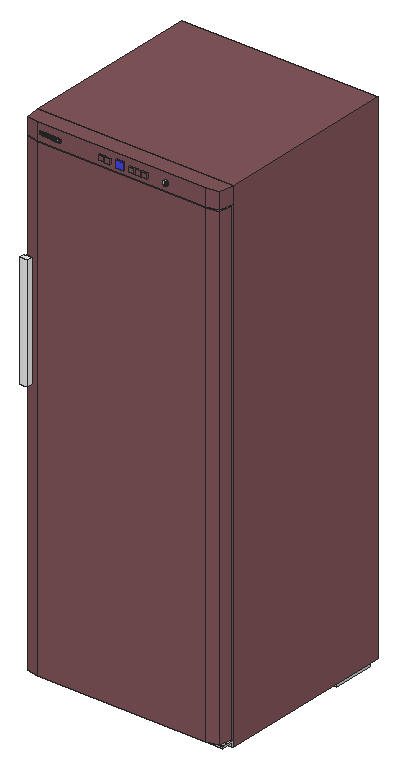
Revit family "QF_LIEBHERR_WKt 6451.220712092557", category Specialty Equipment, Revit 2016
Family settings
  Part Type = Normal
  Round Connector Dimension = Use Diameter
  OmniClass Number = 23.40.40.14
  OmniClass Title = Food Service Equipment
  Work Plane-Based = No
  Always vertical = Yes
  Cut with Voids When Loaded = No
  Shared = No
  Room Calculation Point = No
Parameters (values of type "WKt 6451_230V/1Ph/50Hz")
  URL catalogue = ""
  URL = "home.liebherr.com"
  Type de Raccord Electrique [instance] = ""
  Type article [instance] = ""
  Tension = 230 V
  Status [instance] = ""
  Spécification technique = ""
  Spécification du Fabricant [instance] = ""
  Spécification de l'Utilisateur [instance] = ""
  SMACNA No spécifique pour les matériaux  Etats Unis = ""
  Quantité par lot [instance] = no
  Puissance électrique  = 130 W
  Puissance en CV = ""
  Puissance Apparente = 130 VA
  Protection de l'Appareil = 0 A
  Profondeur hors tout = 759 mm
  Poids net à vide = 86.00 kg
  Phase = 1
  Numéro de Série = ""
  Nombres de Pôles = 2
  Nombre d'identification NAFEM = ""
  Model = "WKt 6451"
  Manufacturer = "LIEBHERR"
  Longueur hors tout = 747 mm
  Intensité nominale courant electrique = 1 A
  Installé Par [instance] = ""
  Identifiant Equipement [instance] = no
  Hauteur hors tout = 1930 mm
  Hauteur de Raccordement du Sol Finis [instance] = 50 mm
  Hauteur de Raccordement du Sol Brut [instance] = 0 mm
  Fréquence = 50 Hz
  Fournis Par [instance] = ""
  Description = "CAVE A VIN WKT 6451, +5/+20°C, CARROSSERIE TERRA CUVE PS, 312 BOUTEILLES"
  Câble de connexion à l'appareil inclus = no
  Cost = 0
  Consommation d'énergie minimale = 0 A
  Connexion prise électrique  = ""
  Code de Révision [instance] = ""
  Classification dans le projet = ""
  Classement sismique = ""
  Accessoires = no
Reference planes
  plane 1 "Centre (avant/arrière)": y = 0
  plane 2: z = 0
  plane 3 "Centre (gauche/droite)": x = 0
Forms (mm)
  Extrusion 1, solid, not visible
    sketch origin (569, -2, 49) x (1, 0, 0) y (0, 1, 0)
      loop
        line (0, 0) -> (2, 0) -> (2, 2) -> (0, 2) -> (0, 0)
    from 0 to 2
Dimensions and locks
  aligned and locked: level to plane 2
Nested families
  nested 1: "QF_LIEBHERR_WKt 6451_230V_1Ph_50Hz" at (0, 0, 0), type "WKt 6451_230V/1Ph/50Hz"
    with Show Logo yes, Show Clearance yes
  nested 2: "QF_LIEBHERR_WKT6451_DOOR_RX" at (0, 0, 0), type "WKT6451_DOOR_RX"
    with Show Logo yes, Show Clearance yes
Connectors
  electrical at (570, 0, 50), driven by "Puissance Apparente", driven by "Nombres de Pôles", driven by "Tension"
    settings: on Extrusion 1, index 1, voltage 230 V, apparent load 0 VA, apparent load phase1 130 VA, apparent load phase2 0 VA, apparent load phase3 0 VA, power factor 1, load classification "Other", number of poles 2, system type 31, power factor state 1, is connector primary yes, connector utility no, sub classification motor no, connector description "Electric connection for 'WKT 6451'"
Definition of nested family "QF_LIEBHERR_WKt 6451_230V_1Ph_50Hz"
  Parameters (values of type "WKt 6451_230V/1Ph/50Hz")
    URL = "home.liebherr.com"
    Show Logo [instance] = yes
    Show Clearance [instance] = yes
    Ral Material = none
    Model = "WKt 6451"
    Manufacturer = "LIEBHERR"
    Description = "WINE CABINET SOLID DOOR WKT 6451, +5/+20°C, TERRA EXTERIOR PS INTERIOR, 625 L NET"
    Assembly Code = "E1090320"
  Reference planes
    plane 1 "Back": y = 0
    plane 2: z = 0
    plane 3 "Left": x = 0
    plane 4 "Right": x = 747
    plane 5 "Front": y = -759
    plane 6 "Top": z = 1930
  Forms (mm)
    Extrusion 1, solid, material <- "Ral Material"
      sketch origin (0, 8.25, -14.95) x (0, 1, 0) y (0, 0, 1)
        loop
          line (-8.25, 1944.95) -> (-692.97, 1944.95) -> (-692.97, 29.918) -> (-8.25, 29.918) -> (-8.25, 1944.95)
      from 0 to 747
    Extrusion 2, solid, material <- "Ral Material"
      sketch origin (0, -77.97, 30) x (1, 0, 0) y (0, 1, 0)
        loop
          line (6.705, -663.072) -> (52.623, -671.997)
          arc (52.623, -671.997) -> (373.423, -681.036) -> (694.223, -671.997) r 5697.228
          line (694.223, -671.997) -> (740.373, -663.026) -> (747, -606.75) -> (0, -606.75) -> (6.705, -663.072)
      from 1837.899 to 1900
    Extrusion 3, solid, visible <- "Show Logo"
      sketch origin (-246.619, -736.776, -33.148) x (0.999031, -0.044012, 0) y (0, 0, 1)
        loop
          line (309.542, 1937.598) -> (309.542, 1926.598) -> (317.534, 1926.598) -> (317.534, 1929.598) -> (314.534, 1929.598) -> (314.534, 1937.598) -> (309.542, 1937.598)
        loop
          line (318.542, 1937.598) -> (318.542, 1926.598) -> (323.534, 1926.598) -> (323.534, 1937.598) -> (318.542, 1937.598)
        loop
          line (325.425, 1937.598) -> (325.425, 1926.598) -> (332.444, 1926.598) -> (332.444, 1929.098) -> (330.418, 1929.098) -> (330.418, 1931.098) -> (332.444, 1931.098) -> (332.444, 1933.098) -> (330.418, 1933.098) -> (330.418, 1935.098) -> (332.444, 1935.098) -> (332.444, 1937.598) -> (325.425, 1937.598)
        loop
          line (334.425, 1937.598) -> (334.425, 1926.598) -> (341.444, 1926.598)
          arc (341.444, 1926.598) -> (344.324, 1928.719) -> (343.152, 1932.098) r 3.015
          arc (343.152, 1932.098) -> (344.324, 1935.477) -> (341.444, 1937.598) r 3.015
          line (341.444, 1937.598) -> (334.425, 1937.598)
        loop
          line (340.389, 1935.098) -> (339.418, 1935.098) -> (339.418, 1933.098) -> (340.389, 1933.098)
          arc (340.389, 1933.098) -> (341.389, 1934.098) -> (340.389, 1935.098) r 1
        loop
          arc (340.456, 1929.098) -> (341.456, 1930.098) -> (340.456, 1931.098) r 1
          line (340.456, 1931.098) -> (339.418, 1931.098) -> (339.418, 1929.098) -> (340.456, 1929.098)
        loop
          line (346.398, 1937.598) -> (346.398, 1926.598) -> (351.391, 1926.598) -> (351.391, 1931.098) -> (353.417, 1931.098) -> (353.417, 1926.598) -> (358.41, 1926.598) -> (358.41, 1937.598) -> (353.417, 1937.598) -> (353.417, 1933.098) -> (351.391, 1933.098) -> (351.391, 1937.598) -> (346.398, 1937.598)
        loop
          line (359.811, 1937.598) -> (359.811, 1926.598) -> (366.83, 1926.598) -> (366.83, 1929.098) -> (364.803, 1929.098) -> (364.803, 1931.098) -> (366.83, 1931.098) -> (366.83, 1933.098) -> (364.803, 1933.098) -> (364.803, 1935.098) -> (366.83, 1935.098) -> (366.83, 1937.598) -> (359.811, 1937.598)
        loop
          line (368.822, 1937.598) -> (368.822, 1926.598) -> (373.814, 1926.598) -> (373.814, 1929.098) -> (374.887, 1926.598) -> (379.88, 1926.598) -> (378.318, 1930.237)
          arc (378.318, 1930.237) -> (379.724, 1934.807) -> (375.841, 1937.598) r 4.097
          line (375.841, 1937.598) -> (368.822, 1937.598)
        loop
          line (374.786, 1935.098) -> (373.814, 1935.098) -> (373.814, 1932.141) -> (374.786, 1932.141)
          arc (374.786, 1932.141) -> (376.264, 1933.619) -> (374.786, 1935.098) r 1.479
        loop
          line (381.56, 1937.598) -> (381.56, 1926.598) -> (386.553, 1926.598) -> (386.553, 1929.098) -> (387.626, 1926.598) -> (392.618, 1926.598) -> (391.057, 1930.237)
          arc (391.057, 1930.237) -> (392.463, 1934.807) -> (388.58, 1937.598) r 4.097
          line (388.58, 1937.598) -> (381.56, 1937.598)
        loop
          line (387.524, 1935.098) -> (386.553, 1935.098) -> (386.553, 1932.141) -> (387.524, 1932.141)
          arc (387.524, 1932.141) -> (389.003, 1933.619) -> (387.524, 1935.098) r 1.479
      from 0 to 2
    Extrusion 4, solid
      sketch origin (120, 0, 0) x (1, 0, 0) y (0, 0, 1)
        loop
          circle (450, 50) r 5
      from 0 to -5
    Extrusion 5, solid
      sketch origin (0, 0, 0) x (0, 1, 0) y (0, 0, 1)
        loop
          line (-29.883, 14.968) -> (-188.33, 14.968) -> (-188.33, 0) -> (-29.883, 0) -> (-29.883, 14.968)
      from 4.137 to 23.172
    Extrusion 6, solid
      sketch origin (747, 0, 0) x (0, 1, 0) y (0, 0, -1)
        loop
          line (-29.883, -14.968) -> (-29.883, 0) -> (-188.33, 0) -> (-188.33, -14.968) -> (-29.883, -14.968)
      from 4.137 to 23.172
    Extrusion 7, solid
      sketch origin (-320.327, -315, 0) x (1, 0, 0) y (0, 1, 0)
        loop
          circle (373.429, -330) r 10.1
      from 0 to 14.968
    Extrusion 8, solid
      sketch origin (1067.327, -315, 0) x (-1, 0, 0) y (0, -1, 0)
        loop
          circle (373.429, 330) r 10.1
      from 0 to 14.968
    Extrusion 9, solid
      sketch origin (27.056, -756.867, 45.926) x (1, 0, 0) y (0, 0, 1)
        loop
          line (360.944, 1868.324) -> (331.944, 1868.324) -> (331.944, 1839.324) -> (360.944, 1839.324) -> (360.944, 1868.324)
      from 0 to 2
    Extrusion 10, solid, material <- "Ral Material"
      sketch origin (72.056, -757.867, 45.926) x (1, 0, 0) y (0, 0, 1)
        loop
          line (355.944, 1863.324) -> (336.944, 1863.324) -> (336.944, 1844.324) -> (355.944, 1844.324) -> (355.944, 1863.324)
      from 0 to 3
    Extrusion 11, solid, material <- "Ral Material"
      sketch origin (97.056, -757.867, 45.926) x (1, 0, 0) y (0, 0, 1)
        loop
          line (355.944, 1863.324) -> (336.944, 1863.324) -> (336.944, 1844.324) -> (355.944, 1844.324) -> (355.944, 1863.324)
      from 0 to 3
    Extrusion 12, solid, material <- "Ral Material"
      sketch origin (674.944, -757.867, 45.926) x (-1, 0, 0) y (0, 0, -1)
        loop
          line (355.944, -1863.324) -> (355.944, -1844.324) -> (336.944, -1844.324) -> (336.944, -1863.324) -> (355.944, -1863.324)
      from 0 to 3
    Extrusion 13, solid, material <- "Ral Material"
      sketch origin (649.944, -757.867, 45.926) x (-1, 0, 0) y (0, 0, -1)
        loop
          line (355.944, -1863.324) -> (355.944, -1844.324) -> (336.944, -1844.324) -> (336.944, -1863.324) -> (355.944, -1863.324)
      from 0 to 3
    Extrusion 14, solid, material <- "Ral Material"
      sketch origin (122.056, -757.867, 45.926) x (1, 0, 0) y (0, 0, 1)
        loop
          line (355.944, 1863.324) -> (336.944, 1863.324) -> (336.944, 1844.324) -> (355.944, 1844.324) -> (355.944, 1863.324)
      from 0 to 3
    Extrusion 15, solid
      sketch origin (1519.05, -760.588, 1126.795) x (-1, 0, 0) y (0, 0, 1)
        loop
          circle (971.55, 773.43) r 9.525
      from 0 to 1.588
    Extrusion 16, solid
      sketch origin (1519.05, -760.588, 1126.795) x (-1, 0, 0) y (0, 0, 1)
        loop
          circle (971.55, 773.43) r 7.53
        loop
          line (972.187, 776.799) -> (970.913, 776.799) -> (970.913, 770.061) -> (972.187, 770.061) -> (972.187, 776.799)
      from 0 to -2.342
  Lines and regions (mm)
    symbolic lines
      curve 1: line (0, 0, 0) -> (747, 0, 0)
      curve 2: line (747, 0, 0) -> (747, -684.72, 0)
      curve 3: line (747, -684.72, 0) -> (740.373, -740.997, 0)
      curve 4: line (740.373, -740.997, 0) -> (694.223, -749.967, 0)
      curve 5: line (6.705, -741.042, 0) -> (0, -684.72, 0)
      curve 6: line (0, -684.72, 0) -> (0, 0, 0)
      curve 7: line (6.705, -741.042, 0) -> (52.623, -749.967, 0)
      curve 8: line (0, -684.72, 0) -> (747, -684.72, 0)
      curve 9: arc (52.623, -749.967, 0) -> (373.423, -759.18, 0) -> (694.223, -749.967, 0) r 5590.187
  Dimensions and locks
    plane 5 "Front" to plane 1 "Back" = 759 mm
    plane 3 "Left" to plane 4 "Right" = 747 mm
    plane 6 "Top" to level = 1930 mm
    aligned and locked: level to plane 2
  Connectors
    electrical at (570, 0, 50)
      settings: on Extrusion 4, index 1, voltage 0 V, apparent load 0 VA, apparent load phase1 0 VA, apparent load phase2 0 VA, apparent load phase3 0 VA, power factor 1, load classification none, number of poles 1, system type 31, power factor state 1, is connector primary yes, connector utility no, sub classification motor no, connector description "Electrical connection"
Definition of nested family "QF_LIEBHERR_WKT6451_DOOR_RX"
  Parameters (values of type "WKT6451_DOOR_RX")
    URL catalogue [instance] = ""
    URL = "home.liebherr.com"
    Status [instance] = ""
    Spécification technique [instance] = ""
    Spécification du Fabricant [instance] = ""
    Spécification de l'Utilisateur [instance] = ""
    Show Logo [instance] = yes
    Show Clearance [instance] = yes
    SMACNA No spécifique pour les matériaux  Etats Unis [instance] = ""
    Ral Material = none
    Quantité par lot [instance] = no
    Profondeur hors tout [instance] = 74 mm
    Poids net à vide [instance] = 0.00 kg
    Numéro de Série [instance] = ""
    Nombre d'identification NAFEM [instance] = ""
    Model = "WKT6451_DOOR_RX"
    Manufacturer = "LIEBHERR"
    Longueur hors tout [instance] = 744 mm
    Installé Par [instance] = ""
    Identifiant Equipement [instance] = no
    Hauteur hors tout [instance] = 1820 mm
    Fournis Par [instance] = ""
    Description = "PORTE AVEC OUVERTURE SUR LA DROITE"
    Cost = 0
    Code de Révision [instance] = ""
    Classification dans le projet [instance] = ""
    Classement sismique [instance] = ""
    Assembly Code = "E1090320"
    Accessoires [instance] = yes
  Reference planes
    plane 1 "Back": y = 0
    plane 2: z = 0
    plane 3 "Left": x = 0
    plane 4 "Right": x = 747
    plane 5 "Front": y = -759
    plane 6 "Top": z = 1868.781
  Forms (mm)
    Extrusion 1, solid
      sketch origin (20.816, -1.522, 12.875) x (1, 0, 0) y (0, 1, 0)
        loop
          circle (709.086, -713.896) r 10
      from 19.907 to 29.772
    Extrusion 2, solid, visible <- "Show Clearance", detail levels coarse
      sketch origin (-1.112, -26, 14.113) x (1, 0, 0) y (0, 1, 0)
        loop
          line (743.976, -733) -> (4.054, -733)
          arc (4.054, -733) -> (221.317, -1213.749) -> (703.976, -1426.735) r 738.248
          line (703.976, -1426.735) -> (743.976, -1426.735) -> (743.976, -733)
      from 28.534 to 1848.911
    Extrusion 3, solid
      sketch origin (149.101, -132.714, 14.113) x (1, 0, 0) y (0, 0, 1)
        loop
          line (578.028, 1833.841) -> (-81.929, 1833.841) -> (-81.929, 43.534) -> (578.028, 43.534) -> (578.028, 1833.841)
      from 552.006 to 564.94
    Extrusion 4, solid
      sketch origin (666.622, -8.515, -9.889) x (0, 1, 0) y (0, 0, 1)
        loop
          line (-676.205, 24.857) -> (-676.205, 42.671) -> (-723.896, 42.671) -> (-723.896, 39.157) -> (-680.221, 39.157) -> (-680.221, 24.857) -> (-676.205, 24.857)
      from 4.769 to 77.058
    Extrusion 5, solid
      sketch origin (2.943, -168.482, 741.832) x (1, 0, 0) y (0, 1, 0)
        loop
          arc (14.573, -621.043) -> (28.618, -622.06) -> (42.663, -621.043) r 97.498
          line (42.663, -621.043) -> (42.663, -601.962)
          arc (42.663, -601.962) -> (28.618, -600.945) -> (14.573, -601.962) r 97.498
          line (14.573, -601.962) -> (14.573, -621.043)
      from 300.84 to 732.651
    Extrusion 6, solid
      sketch origin (2.943, -168.482, 856.863) x (1, 0, 0) y (0, 1, 0)
        loop
          line (2.513, -551.709) -> (0, -551.709) -> (0, -598.889) -> (13.36, -610.445) -> (14.573, -610.494) -> (14.573, -601.962)
          arc (14.573, -601.962) -> (21.577, -601.199) -> (28.618, -600.945) r 97.498
          line (28.618, -600.945) -> (28.618, -597.94)
          arc (28.618, -597.94) -> (22.013, -598.204) -> (15.449, -598.99) r 83.417
          line (15.449, -598.99) -> (9.246, -593.598) -> (9.246, -573.518) -> (2.513, -573.518) -> (2.513, -551.709)
      from 202.318 to 227.444
    Extrusion 7, solid
      sketch origin (2.943, -168.482, 1228.465) x (1, 0, 0) y (0, 1, 0)
        loop
          line (2.513, -551.709) -> (0, -551.709) -> (0, -598.889) -> (13.36, -610.445) -> (14.573, -610.494) -> (14.573, -601.962)
          arc (14.573, -601.962) -> (21.577, -601.199) -> (28.618, -600.945) r 97.498
          line (28.618, -600.945) -> (28.618, -597.94)
          arc (28.618, -597.94) -> (22.013, -598.204) -> (15.449, -598.99) r 83.417
          line (15.449, -598.99) -> (9.246, -593.598) -> (9.246, -573.518) -> (2.513, -573.518) -> (2.513, -551.709)
      from 202.318 to 227.444
    Extrusion 8, solid, material <- "Ral Material"
      sketch origin (0, -77.97, -36.976) x (1, 0, 0) y (0, 1, 0)
        loop
          line (6.705, -663.072) -> (52.623, -671.997)
          arc (52.623, -671.997) -> (373.423, -681.036) -> (694.223, -671.997) r 5697.228
          line (694.223, -671.997) -> (740.373, -663.026) -> (745.477, -619.684) -> (1.54, -619.684) -> (6.705, -663.072)
      from 79.623 to 1900
    Extrusion 9, solid
      sketch origin (20.816, -1.522, 1843.117) x (1, 0, 0) y (0, 1, 0)
        loop
          circle (709.086, -713.896) r 10
      from 19.907 to 25.664
  Lines and regions (mm)
    symbolic lines, visible <- "Show Clearance"
      curve 1: line (742.864, -1452.735, 0) -> (742.864, -719.84, 0)
      curve 2: line (702.864, -1452.735, 0) -> (702.864, -748.288, 0)
      curve 3: line (702.864, -1452.735, 0) -> (742.864, -1452.735, 0)
      curve 15: arc (3.521, -767.871, 0) -> (223.372, -1242.869, 0) -> (702.864, -1452.735, 0) r 738.248
    symbolic lines
      curve 4: arc (17.515, -789.526, 0) -> (31.561, -790.543, 0) -> (45.606, -789.526, 0) r 97.498
      curve 5: line (2.943, -709.436, 0) -> (2.943, -767.371, 0)
      curve 6: line (12.189, -762.08, 0) -> (12.189, -742, 0)
      curve 7: line (18.392, -767.472, 0) -> (12.189, -762.08, 0)
      curve 8: arc (31.561, -766.422, 0) -> (24.955, -766.686, 0) -> (18.392, -767.472, 0) r 83.417
      curve 9: line (31.561, -769.427, 0) -> (31.561, -766.422, 0)
      curve 10: arc (45.606, -770.444, 0) -> (31.561, -769.427, 0) -> (17.515, -770.444, 0) r 97.498
      curve 11: line (45.606, -789.526, 0) -> (45.606, -770.444, 0)
      curve 12: line (17.515, -770.444, 0) -> (17.515, -789.526, 0)
      curve 13: line (2.943, -767.371, 0) -> (16.303, -778.927, 0)
      curve 14: line (16.303, -778.927, 0) -> (17.515, -778.976, 0)
  Dimensions and locks
    plane 5 "Front" to plane 1 "Back" = 759 mm
    plane 3 "Left" to plane 4 "Right" = 747 mm
    plane 6 "Top" to level = 1868.781 mm
    aligned and locked: level to plane 2
